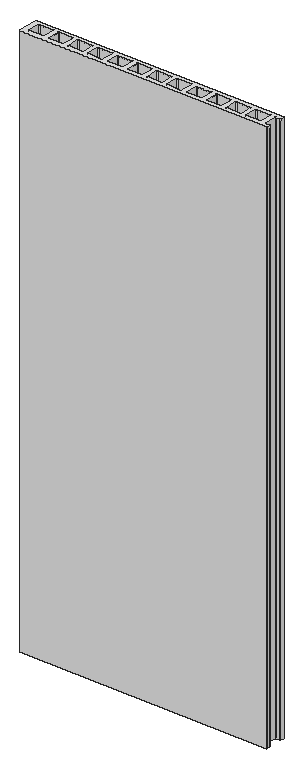
Revit family "ECP_MNH-7590B1(オス側カット)", category 一般モデル, Revit 2022
Family settings
  鉄筋をホスト可能 = いいえ
  丸型コネクタ寸法 = 直径を使用
  パーツ タイプ = 標準
  作業面ベース = いいえ
  常に垂直 = はい
  ロード時にボイドで切り取り = はい
  注釈の向きを維持 = いいえ
  共有 = いいえ
  部屋計算ポイント = いいえ
Parameters (values of type "ECP_MNH-7590B1")
  長さ [instance] = 2000 mm
  穴表示 = yes
  材質 = 40Msr_ECP
  既定の高さ = 0 mm
  既存長さ = 900 mm
  幅 [instance] = 890 mm
  固定寸法 = 890 mm
  厚さ = 75 mm
  オース側カット [instance] = 固定寸法 - 幅  # 0 mm
  4 オス側カット [instance] = yes
Reference planes
  plane 1 "中心(正面/背面)": y = 0
  plane 2: z = 0
  plane 3 "中心(左/右)": x = 0
  plane 4: y = -37.5
  plane 5: y = 37.5
  plane 6: z = 2000
  plane 7: x = 890
  plane 8: x = 0
Forms (mm)
  Extrusion 1, solid, material "40Msr_ECP" <- "材質", detail levels fine
    sketch origin (0, 0, 0) x (1, 0, 0) y (0, 1, 0)
      loop
        line (0, -35.5) -> (2, -37.5) -> (888, -37.5) -> (890, -35.5) -> (890, -25.5)
        arc (890, -25.5) -> (889.121, -23.379) -> (887, -22.5) r 3
        line (887, -22.5) -> (873, -22.5)
        arc (873, -22.5) -> (870.879, -21.621) -> (870, -19.5) r 3
        line (870, -19.5) -> (870, 19.5)
        arc (870, 19.5) -> (870.879, 21.621) -> (873, 22.5) r 3
        line (873, 22.5) -> (887, 22.5)
        arc (887, 22.5) -> (889.121, 23.379) -> (890, 25.5) r 3
        line (890, 25.5) -> (890, 35.5) -> (888, 37.5) -> (2, 37.5) -> (0, 35.5) -> (0, 22.5)
        arc (0, 22.5) -> (-0.879, 20.379) -> (-3, 19.5) r 3
        line (-3, 19.5) -> (-17, 19.5)
        arc (-17, 19.5) -> (-19.121, 18.621) -> (-20, 16.5) r 3
        line (-20, 16.5) -> (-20, -16.5)
        arc (-20, -16.5) -> (-19.121, -18.621) -> (-17, -19.5) r 3
        line (-17, -19.5) -> (-3, -19.5)
        arc (-3, -19.5) -> (-0.879, -20.379) -> (0, -22.5) r 3
        line (0, -22.5) -> (0, -35.5)
    from 0 to 2000
  Extrusion 2, void
    sketch origin (-50, 0, 0) x (1, 0, 0) y (0, 1, 0)
      loop
        line (30, -37.5) -> (50, -37.5) -> (50, 37.5) -> (30, 37.5) -> (30, -37.5)
    from 0 to 2000
  Extrusion 3, void
    sketch origin (-617, 0, 0) x (1, 0, 0) y (0, 1, 0)
      loop
        line (640, -22.5) -> (689, -22.5)
        arc (689, -22.5) -> (691.122, -21.621) -> (692, -19.5) r 3
        line (692, -19.5) -> (692, 19.5)
        arc (692, 19.5) -> (691.122, 21.621) -> (689, 22.5) r 3
        line (689, 22.5) -> (640, 22.5)
        arc (640, 22.5) -> (637.879, 21.621) -> (637, 19.5) r 3
        line (637, 19.5) -> (637, -19.5)
        arc (637, -19.5) -> (637.879, -21.621) -> (640, -22.5) r 3
      loop
        line (710, -22.5) -> (760, -22.5)
        arc (760, -22.5) -> (762.122, -21.621) -> (763, -19.5) r 3
        line (763, -19.5) -> (763, 19.5)
        arc (763, 19.5) -> (762.122, 21.621) -> (760, 22.5) r 3
        line (760, 22.5) -> (710, 22.5)
        arc (710, 22.5) -> (707.879, 21.621) -> (707, 19.5) r 3
        line (707, 19.5) -> (707, -19.5)
        arc (707, -19.5) -> (707.879, -21.621) -> (710, -22.5) r 3
      loop
        line (781.001, -22.5) -> (831, -22.5)
        arc (831, -22.5) -> (833.122, -21.621) -> (834, -19.5) r 3
        line (834, -19.5) -> (834, 19.5)
        arc (834, 19.5) -> (833.122, 21.621) -> (831, 22.5) r 3
        line (831, 22.5) -> (781.001, 22.5)
        arc (781.001, 22.5) -> (778.879, 21.621) -> (778.001, 19.5) r 3
        line (778.001, 19.5) -> (778.001, -19.5)
        arc (778.001, -19.5) -> (778.879, -21.621) -> (781.001, -22.5) r 3
      loop
        line (852, -22.5) -> (902.001, -22.5)
        arc (902.001, -22.5) -> (904.122, -21.621) -> (905.001, -19.5) r 3
        line (905.001, -19.5) -> (905.001, 19.5)
        arc (905.001, 19.5) -> (904.122, 21.621) -> (902.001, 22.5) r 3
        line (902.001, 22.5) -> (852, 22.5)
        arc (852, 22.5) -> (849.879, 21.621) -> (849, 19.5) r 3
        line (849, 19.5) -> (849, -19.5)
        arc (849, -19.5) -> (849.879, -21.621) -> (852, -22.5) r 3
      loop
        line (923.001, -22.5) -> (973, -22.5)
        arc (973, -22.5) -> (975.122, -21.621) -> (976, -19.5) r 3
        line (976, -19.5) -> (976, 19.5)
        arc (976, 19.5) -> (975.122, 21.621) -> (973, 22.5) r 3
        line (973, 22.5) -> (923.001, 22.5)
        arc (923.001, 22.5) -> (920.879, 21.621) -> (920.001, 19.5) r 3
        line (920.001, 19.5) -> (920.001, -19.5)
        arc (920.001, -19.5) -> (920.879, -21.621) -> (923.001, -22.5) r 3
      loop
        line (994.001, -22.5) -> (1044.001, -22.5)
        arc (1044.001, -22.5) -> (1046.122, -21.621) -> (1047.001, -19.5) r 3
        line (1047.001, -19.5) -> (1047.001, 19.5)
        arc (1047.001, 19.5) -> (1046.122, 21.621) -> (1044.001, 22.5) r 3
        line (1044.001, 22.5) -> (994.001, 22.5)
        arc (994.001, 22.5) -> (991.879, 21.621) -> (991.001, 19.5) r 3
        line (991.001, 19.5) -> (991.001, -19.5)
        arc (991.001, -19.5) -> (991.879, -21.621) -> (994.001, -22.5) r 3
      loop
        line (1065.001, -22.5) -> (1115.001, -22.5)
        arc (1115.001, -22.5) -> (1117.122, -21.621) -> (1118.001, -19.5) r 3
        line (1118.001, -19.5) -> (1118.001, 19.5)
        arc (1118.001, 19.5) -> (1117.122, 21.621) -> (1115.001, 22.5) r 3
        line (1115.001, 22.5) -> (1065.001, 22.5)
        arc (1065.001, 22.5) -> (1062.879, 21.621) -> (1062.001, 19.5) r 3
        line (1062.001, 19.5) -> (1062.001, -19.5)
        arc (1062.001, -19.5) -> (1062.879, -21.621) -> (1065.001, -22.5) r 3
      loop
        line (1136, -22.5) -> (1186.001, -22.5)
        arc (1186.001, -22.5) -> (1188.122, -21.621) -> (1189.001, -19.5) r 3
        line (1189.001, -19.5) -> (1189.001, 19.5)
        arc (1189.001, 19.5) -> (1188.122, 21.621) -> (1186.001, 22.5) r 3
        line (1186.001, 22.5) -> (1136, 22.5)
        arc (1136, 22.5) -> (1133.879, 21.621) -> (1133, 19.5) r 3
        line (1133, 19.5) -> (1133, -19.5)
        arc (1133, -19.5) -> (1133.879, -21.621) -> (1136, -22.5) r 3
      loop
        arc (1207, 22.5) -> (1204.879, 21.621) -> (1204, 19.5) r 3
        line (1204, 19.5) -> (1204, -19.5)
        arc (1204, -19.5) -> (1204.879, -21.621) -> (1207, -22.5) r 3
        line (1207, -22.5) -> (1257, -22.5)
        arc (1257, -22.5) -> (1259.122, -21.621) -> (1260, -19.5) r 3
        line (1260, -19.5) -> (1260, 19.5)
        arc (1260, 19.5) -> (1259.122, 21.621) -> (1257, 22.5) r 3
        line (1257, 22.5) -> (1207, 22.5)
      loop
        arc (1278, 22.5) -> (1275.879, 21.621) -> (1275, 19.5) r 3
        line (1275, 19.5) -> (1275, -19.5)
        arc (1275, -19.5) -> (1275.879, -21.621) -> (1278, -22.5) r 3
        line (1278, -22.5) -> (1328.001, -22.5)
        arc (1328.001, -22.5) -> (1330.122, -21.621) -> (1331.001, -19.5) r 3
        line (1331.001, -19.5) -> (1331.001, 19.5)
        arc (1331.001, 19.5) -> (1330.122, 21.621) -> (1328.001, 22.5) r 3
        line (1328.001, 22.5) -> (1278, 22.5)
      loop
        arc (1349, 22.5) -> (1346.879, 21.621) -> (1346, 19.5) r 3
        line (1346, 19.5) -> (1346, -19.5)
        arc (1346, -19.5) -> (1346.879, -21.621) -> (1349, -22.5) r 3
        line (1349, -22.5) -> (1399.001, -22.5)
        arc (1399.001, -22.5) -> (1401.122, -21.621) -> (1402.001, -19.5) r 3
        line (1402.001, -19.5) -> (1402.001, 19.5)
        arc (1402.001, 19.5) -> (1401.122, 21.621) -> (1399.001, 22.5) r 3
        line (1399.001, 22.5) -> (1349, 22.5)
      loop
        arc (1420.001, 22.5) -> (1417.879, 21.621) -> (1417.001, 19.5) r 3
        line (1417.001, 19.5) -> (1417.001, -19.5)
        arc (1417.001, -19.5) -> (1417.879, -21.621) -> (1420.001, -22.5) r 3
        line (1420.001, -22.5) -> (1469.001, -22.5)
        arc (1469.001, -22.5) -> (1471.122, -21.621) -> (1472.001, -19.5) r 3
        line (1472.001, -19.5) -> (1472.001, 19.5)
        arc (1472.001, 19.5) -> (1471.122, 21.621) -> (1469.001, 22.5) r 3
        line (1469.001, 22.5) -> (1420.001, 22.5)
    from 0 to 2000
Cuts and joins
  Extrusion 2, Extrusion 3 cuts Extrusion 1
Lines and regions (mm)
  symbolic lines, style "ECPパネル", detail levels coarse+medium
    curve 1: line (0, 37.5, 0) -> (890, 37.5, 0)
    curve 2: line (0, -37.5, 0) -> (0, 37.5, 0)
    curve 3: line (890, -37.5, 0) -> (0, -37.5, 0)
    curve 4: line (890, 37.5, 0) -> (890, -37.5, 0)
    curve 5: line (0, 0, 0) -> (890, 0, 0)
    curve 6: line (0, 0, 2000) -> (0, 0, 0)
    curve 7: line (890, 0, 2000) -> (0, 0, 2000)
    curve 8: line (890, 0, 0) -> (890, 0, 2000)
    curve 9: line (0, -37.5, 2000) -> (0, 37.5, 2000)
    curve 10: line (0, -37.5, 0) -> (0, -37.5, 2000)
    curve 11: line (0, 37.5, 0) -> (0, -37.5, 0)
    curve 12: line (0, 37.5, 2000) -> (0, 37.5, 0)
Dimensions and locks
  "厚さ": plane 4 to plane 5
  "長さ": plane 6 to level
  equal spacing: plane 4, plane 1 "中心(正面/背面)", plane 5
  "長さ": cut or joined group of Extrusion 1, Extrusion 2, Extrusion 3 to level
  "長さ": Extrusion 2 to level
  "幅": cut or joined group of Extrusion 1, Extrusion 2, Extrusion 3 to curve 8
  "長さ": level to Extrusion 3
  "固定寸法": plane 3 "中心(左/右)" to plane 7
  "幅": plane 8 to plane 7
  "オース側カット": plane 3 "中心(左/右)" to Extrusion 2 sketch curve
  aligned and locked: level to plane 2
  aligned and locked: curve 4 to plane 7
Automatic sketch dimensions
  curve 11 to level = 0 mm
  curve 11 to plane 4 = 0 mm
  curve 11 to plane 5 = 0 mm
  curve 10 to plane 6 = 0 mm
  curve 7 to plane 3 "中心(左/右)" = 0 mm
  curve 7 to plane 6 = 0 mm
  curve 8 to level = 0 mm
  Extrusion 1 sketch curve to plane 3 "中心(左/右)" = 0 mm  (x2)
  plane 5 to Extrusion 1 sketch curve = 0 mm
  plane 4 to Extrusion 1 sketch curve = 0 mm
  Extrusion 1 sketch curve to Extrusion 1 sketch curve = 3 mm  (x3)
  Extrusion 1 sketch curve to plane 3 "中心(左/右)" = 3 mm  (x2)
  plane 3 "中心(左/右)" to Extrusion 1 sketch curve = 2 mm  (x2)
  plane 1 "中心(正面/背面)" to Extrusion 1 sketch curve = 19.5 mm
  Extrusion 1 sketch curve to Extrusion 1 sketch curve = 868 mm
  Extrusion 1 sketch curve to Extrusion 1 sketch curve = 14 mm  (x4)
  Extrusion 1 sketch curve to Extrusion 1 sketch curve = 1 mm  (x2)
  Extrusion 1 sketch curve to Extrusion 1 sketch curve = 2 mm  (x2)
  Extrusion 1 sketch curve to plane 4 = 2 mm  (x2)
  Extrusion 1 sketch curve to plane 4 = 15 mm
  Extrusion 1 sketch curve to plane 1 "中心(正面/背面)" = 16.5 mm
  Extrusion 1 sketch curve to plane 1 "中心(正面/背面)" = 19.5 mm
  plane 5 to Extrusion 1 sketch curve = 2 mm  (x2)
  plane 3 "中心(左/右)" to Extrusion 3 sketch curve = 20 mm
  Extrusion 3 sketch curve to Extrusion 3 sketch curve = 3 mm  (x37)
  plane 5 to Extrusion 3 sketch curve = 15 mm  (x10)
  Extrusion 3 sketch curve to Extrusion 3 sketch curve = 49 mm  (x2)
  Extrusion 3 sketch curve to plane 4 = 18 mm  (x9)
  Extrusion 3 sketch curve to Extrusion 3 sketch curve = 0 mm  (x12)
  Extrusion 3 sketch curve to Extrusion 3 sketch curve = 15 mm  (x11)
  Extrusion 3 sketch curve to Extrusion 3 sketch curve = 50 mm  (x10)
  Extrusion 3 sketch curve to plane 4 = 15 mm  (x2)
  plane 1 "中心(正面/背面)" to Extrusion 3 sketch curve = 22.5 mm
  plane 5 to Extrusion 3 sketch curve = 18 mm
  plane 4 to Extrusion 2 sketch curve = 0 mm
  plane 5 to Extrusion 2 sketch curve = 0 mm
  Extrusion 2 sketch curve to plane 3 "中心(左/右)" = 20 mm
  plane 4 to curve 2 = 0 mm
  curve 2 to plane 8 = 0 mm
  plane 5 to curve 1 = 0 mm
